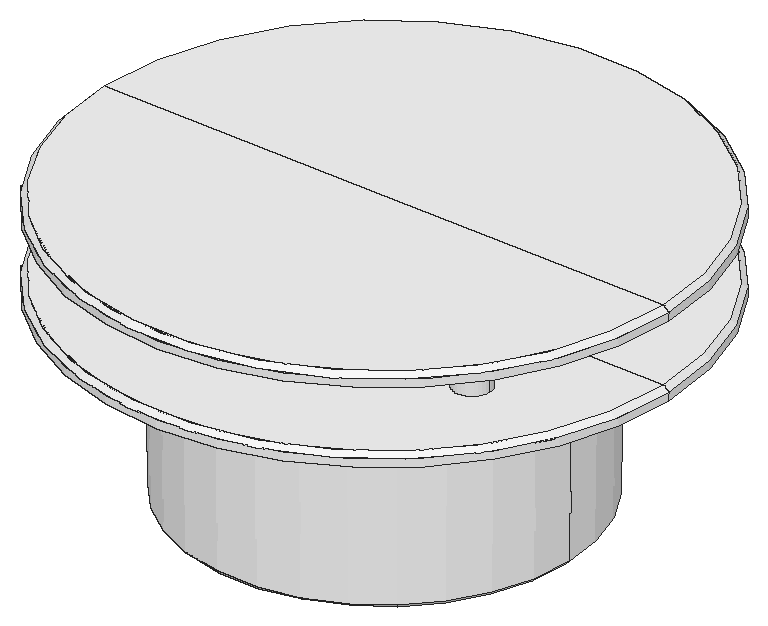
Revit family "3103 Series Soffit Trim Set", category Plumbing Fixtures, Revit 2020
Family settings
  Round Connector Dimension = Use Diameter
  Part Type = Normal
  OmniClass Number = 23.45.00.00
  OmniClass Title = Sanitary, Laundry, and Cleaning Equipment
  Work Plane-Based = No
  Always vertical = Yes
  Cut with Voids When Loaded = No
  Shared = No
  Room Calculation Point = No
Parameters (values of type "3103.525 65x65")
  Waste Connection = yes
  Vent Connection = yes
  URL = "www.aquaknight.co.nz"
  Phone = "+6498322214"  # constant formula
  Model = "3103.525"
  Manufacturer = "Aquanight Industries Ltd"  # constant formula
  HW Connection = no
  Email = "info@aquaknight.co.nz"  # constant formula
  Diameter = 65.00 mm
  Description = "Roof Drain Overflow Soffit Trim Set 65mm"
  Default Elevation = 0.00 mm
  CW Connection = no
  80mm = no
  65mm = yes
  100mm = no
Types (3, lengths in mm): name | Model | Diameter | Description | 80mm | 65mm | 100mm
  3103.525 65x65 | "3103.525" | 65.00 | "Roof Drain Overflow Soffit Trim Set 65mm" | no | yes | no
  3103.625 80x80 | "3103.625" | 80.00 | "Roof Drain Overflow Soffit Trim Set 80mm" | yes | no | no
  3103.725 100x100 | "3103.725" | 100.00 | "Roof Drain Overflow Soffit Trim Set 100mm" | no | no | yes
Reference planes
  plane 1 "Center (Front/Back)": y = 0
  plane 2: z = 0
  plane 3 "Center (Left/Right)": x = 0
  plane 4: z = -10
Forms (mm)
  Revolve 1, solid, material "Plastic, Glossy White", visible <- "65mm"
    sketch origin (0, 0, -4.371) x (1, 0, 0) y (0, 0, 1)
      loop
        line (32.35, 6.871) -> (32.35, 5.371) -> (34.35, 5.371) -> (34.544, -31.45)
        arc (34.544, -31.45) -> (34.893, -32.284) -> (35.729, -32.629) r 1.185
        line (35.729, -32.629) -> (36.79, -32.629) -> (37.55, -31.879) -> (38, 2.89)
        arc (38, 2.89) -> (38.446, 3.938) -> (39.5, 4.371) r 1.5
        line (39.5, 4.371) -> (57.696, 4.371) -> (57.696, 5.871) -> (56.696, 6.871) -> (32.35, 6.871)
      loop
        line (0, 21.371) -> (0, 18.871) -> (57.7, 18.871) -> (57.7, 20.371) -> (56.7, 21.371) -> (0, 21.371)
      axis (0, 21.371) -> (0, -32.629)
    angle from 0 to 360
  Extrusion 2, solid, material "Plastic, Glossy White", visible <- "65mm", detail levels medium+fine
    sketch origin (0, 0, -4) x (1, 0, 0) y (0, 1, 0)
      loop
        circle (0, 38.211) r 3.511
      loop
        circle (33.092, -19.106) r 3.511
      loop
        circle (-33.092, -19.106) r 3.511
    from 6.5 to 18.5
  Revolve 3, solid, material "Plastic, Glossy White", visible <- "80mm"
    sketch origin (0, 0, 105.629) x (1, 0, 0) y (0, 0, 1)
      loop
        line (-43.4, -148.629) -> (-41.65, -148.629) -> (-41.2, -104.629) -> (-39.2, -104.629) -> (-39.2, -103.532) -> (-40.049, -103.136)
        arc (-40.049, -103.136) -> (-40.835, -102.609) -> (-41.15, -101.717) r 1.5
        line (-41.15, -101.717) -> (-41.363, -91.129) -> (0, -91.129) -> (0, -88.629) -> (-64, -88.629) -> (-65, -89.629) -> (-65, -91.129) -> (-48.666, -91.129) -> (-48.849, -101.655)
        arc (-48.849, -101.655) -> (-49.298, -102.699) -> (-50.349, -103.129) r 1.5
        line (-50.349, -103.129) -> (-63.901, -103.129) -> (-64.901, -104.129) -> (-64.901, -105.629) -> (-46.375, -105.629)
        arc (-46.375, -105.629) -> (-45.323, -106.059) -> (-44.875, -107.103) r 1.5
        line (-44.875, -107.103) -> (-44.163, -147.879) -> (-43.4, -148.629)
      axis (0, -88.629) -> (0, -148.629)
    angle from 0 to 360
  Revolve 4, solid, material "Plastic, Glossy White", visible <- "100mm"
    sketch origin (0, 0, 0) x (1, 0, 0) y (0, 0, 1)
      loop
        line (-57.125, -49) -> (-55.375, -49) -> (-54.9, 1) -> (-52.4, 1) -> (-52.4, 1.83) -> (-53.728, 2.498)
        arc (-53.728, 2.498) -> (-54.73, 2.954) -> (-55.151, 3.972) r 1.5
        line (-55.151, 3.972) -> (-55.302, 11.5) -> (-55.268, 13.482) -> (-54.25, 14.5) -> (0, 14.5) -> (0, 17) -> (-77.73, 17) -> (-78.73, 16) -> (-78.73, 14.5) -> (-63.75, 14.5) -> (-62.732, 13.482) -> (-62.718, 11.5) -> (-62.849, 3.974)
        arc (-62.849, 3.974) -> (-63.298, 2.93) -> (-64.349, 2.5) r 1.5
        line (-64.349, 2.5) -> (-77.73, 2.5) -> (-78.73, 1.5) -> (-78.73, 0) -> (-60.204, 0)
        arc (-60.204, 0) -> (-59.153, -0.43) -> (-58.705, -1.474) r 1.5
        line (-58.705, -1.474) -> (-57.888, -48.25) -> (-57.125, -49)
      axis (0, 17) -> (0, -49)
    angle from 0 to 360
Lines and regions (mm)
  Masking region 1, visible <- "65mm"
    outline origin (0, 0, 0) x (1, 0, 0) y (0, 1, 0)
      loop
        circle (0, 0) r 57.5
  Masking region 2, visible <- "80mm"
    outline origin (0, 0, 0) x (1, 0, 0) y (0, 1, 0)
      loop
        circle (0, 0) r 65
  Masking region 3, visible <- "100mm"
    outline origin (0, 0, 0) x (1, 0, 0) y (0, 1, 0)
      loop
        circle (0, 0) r 78.73
  symbolic lines, visible <- "65mm", detail levels fine
    curve 1: arc (3.511, 38.211, 0) -> (0, 41.722, 0) -> (-3.511, 38.211, 0) r 3.511
    curve 2: arc (-3.511, 38.211, 0) -> (0, 34.7, 0) -> (3.511, 38.211, 0) r 3.511
    curve 3: arc (-36.603, -19.106, 0) -> (-33.092, -22.617, 0) -> (-29.581, -19.106, 0) r 3.511
    curve 4: arc (-29.581, -19.106, 0) -> (-33.092, -15.595, 0) -> (-36.603, -19.106, 0) r 3.511
    curve 5: arc (29.581, -19.106, 0) -> (33.092, -22.617, 0) -> (36.603, -19.106, 0) r 3.511
    curve 6: arc (36.603, -19.106, 0) -> (33.092, -15.595, 0) -> (29.581, -19.106, 0) r 3.511
  model lines, visible <- "65mm", detail levels medium+fine
    curve 7: arc (-36.603, -19.106, 17) -> (-33.092, -22.617, 17) -> (-29.581, -19.106, 17) r 3.511
    curve 8: arc (-29.581, -19.106, 17) -> (-33.092, -15.595, 17) -> (-36.603, -19.106, 17) r 3.511
    curve 9: arc (36.603, -19.106, 17) -> (33.092, -15.595, 17) -> (29.581, -19.106, 17) r 3.511
    curve 10: arc (29.581, -19.106, 17) -> (33.092, -22.617, 17) -> (36.603, -19.106, 17) r 3.511
    curve 11: arc (-3.511, 38.211, 17) -> (0, 34.7, 17) -> (3.511, 38.211, 17) r 3.511
    curve 12: arc (3.511, 38.211, 17) -> (0, 41.722, 17) -> (-3.511, 38.211, 17) r 3.511
  model lines, visible <- "80mm", detail levels medium+fine
    curve 13: circle (0, 45.054, 17) r 3.56 normal (0, 0, 1)
    curve 14: circle (39.018, -22.527, 17) r 3.56 normal (0, 0, 1)
    curve 15: circle (-39.018, -22.527, 17) r 3.56 normal (0, 0, -1)
  symbolic lines, visible <- "80mm", detail levels fine
    curve 16: circle (-39.018, -22.527, 0) r 3.56 normal (0, 0, -1)
    curve 17: circle (0, 45.054, 0) r 3.56 normal (0, 0, 1)
    curve 18: circle (39.018, -22.527, 0) r 3.56 normal (0, 0, 1)
  model lines, visible <- "100mm", detail levels medium+fine
    curve 19: circle (0, 61.562, 17) r 3.4 normal (0, 0, 1)
    curve 20: circle (0, -61.562, 17) r 3.4 normal (0, 0, -1)
    curve 21: circle (61.562, 0, 17) r 3.4 normal (0, 0, 1)
    curve 22: circle (-61.562, 0, 17) r 3.4 normal (0, 0, -1)
  symbolic lines, visible <- "100mm", detail levels fine
    curve 23: circle (0, 61.562, 0) r 3.4 normal (0, 0, 1)
    curve 24: circle (-61.562, 0, 0) r 3.4 normal (0, 0, -1)
    curve 25: circle (61.562, 0, 0) r 3.4 normal (0, 0, 1)
    curve 26: circle (0, -61.562, 0) r 3.4 normal (0, 0, -1)
Dimensions and locks
  level to plane 4 = 10.00 mm
  locked: connector elem to plane 1 "Center (Front/Back)"
  locked: connector elem to plane 3 "Center (Left/Right)"
  aligned and locked: level to plane 2
Automatic sketch dimensions
  Revolve 1 sketch curve to plane 3 "Center (Left/Right)" = 0.00 mm  (x2)
  Revolve 1 sketch curve to level = 0.00 mm
  level to Revolve 1 sketch curve = 2.50 mm
  plane 3 "Center (Left/Right)" to Revolve 1 sketch curve = 32.35 mm
  level to Revolve 1 sketch curve = 1.00 mm
  Revolve 1 sketch curve to Revolve 1 sketch curve = 2.00 mm
  plane 3 "Center (Left/Right)" to Revolve 1 sketch curve = 34.544 mm
  Revolve 1 sketch curve to Revolve 1 sketch curve = 1.185 mm
  Revolve 1 sketch curve to Revolve 1 sketch curve = 1.061 mm
  Revolve 1 sketch curve to Revolve 1 sketch curve = 0.76 mm
  Revolve 1 sketch curve to level = 1.481 mm
  Revolve 1 sketch curve to Revolve 1 sketch curve = 3.65 mm
  Revolve 1 sketch curve to Revolve 1 sketch curve = 1.50 mm  (x2)
  Revolve 1 sketch curve to Revolve 1 sketch curve = 17.196 mm
  Revolve 1 sketch curve to Revolve 1 sketch curve = 0.004 mm
  Revolve 1 sketch curve to Revolve 1 sketch curve = 1.00 mm  (x3)
  Revolve 1 sketch curve to Revolve 1 sketch curve = 12.00 mm
  Revolve 1 sketch curve to Revolve 1 sketch curve = 2.50 mm
  Revolve 1 sketch curve to Revolve 1 sketch curve = 2423.873 mm
  Extrusion 2 sketch curve to plane 3 "Center (Left/Right)" = 0.00 mm
  Extrusion 2 sketch curve to plane 3 "Center (Left/Right)" = 33.092 mm
  plane 3 "Center (Left/Right)" to Extrusion 2 sketch curve = 33.092 mm
  plane 1 "Center (Front/Back)" to Extrusion 2 sketch curve = 19.106 mm  (x2)
  Extrusion 2 sketch curve to plane 1 "Center (Front/Back)" = 38.211 mm
  plane 1 "Center (Front/Back)" to Masking region 1 sketch curve = 0.00 mm
  Masking region 1 sketch curve to plane 3 "Center (Left/Right)" = 0.00 mm
  curve 7 to curve 8 = 0.00 mm  (x2)
  curve 9 to curve 10 = 0.00 mm  (x2)
  curve 11 to curve 12 = 0.00 mm  (x2)
  Revolve 1 to curve 8 = 19.106 mm
  curve 7 to curve 11 = 33.092 mm
  Revolve 1 to curve 9 = 19.106 mm
  curve 11 to curve 9 = 33.092 mm
  curve 12 to Revolve 1 = 38.211 mm
  curve 8 to curve 7 = 3.511 mm
  curve 11 to curve 11 = 3.511 mm
  curve 10 to curve 9 = 3.511 mm
  Revolve 3 sketch curve to level = 0.00 mm
  Revolve 3 sketch curve to plane 3 "Center (Left/Right)" = 0.00 mm  (x2)
  level to Revolve 3 sketch curve = 2.097 mm
  Revolve 3 sketch curve to plane 3 "Center (Left/Right)" = 39.20 mm
  Revolve 3 sketch curve to Revolve 3 sketch curve = 0.45 mm
  level to Revolve 3 sketch curve = 2.493 mm
  Revolve 3 sketch curve to Revolve 3 sketch curve = 0.849 mm
  level to Revolve 3 sketch curve = 3.913 mm
  Revolve 3 sketch curve to Revolve 3 sketch curve = 1.50 mm  (x3)
  Revolve 3 sketch curve to Revolve 3 sketch curve = 1.151 mm
  Revolve 3 sketch curve to Revolve 3 sketch curve = 0.213 mm
  Revolve 3 sketch curve to plane 3 "Center (Left/Right)" = 41.65 mm
  Revolve 3 sketch curve to Revolve 3 sketch curve = 1.75 mm
  Revolve 3 sketch curve to Revolve 3 sketch curve = 0.763 mm
  Revolve 3 sketch curve to level = 1.474 mm
  Revolve 3 sketch curve to Revolve 3 sketch curve = 3.675 mm
  level to Revolve 3 sketch curve = 14.50 mm
  Revolve 3 sketch curve to Revolve 3 sketch curve = 7.303 mm
  level to Revolve 3 sketch curve = 3.974 mm
  Revolve 3 sketch curve to Revolve 3 sketch curve = 2.475 mm
  level to Revolve 3 sketch curve = 2.50 mm
  Revolve 3 sketch curve to Revolve 3 sketch curve = 13.552 mm
  Revolve 3 sketch curve to Revolve 3 sketch curve = 1.00 mm  (x4)
  Revolve 3 sketch curve to Revolve 3 sketch curve = 1.099 mm
  level to Revolve 3 sketch curve = 1.00 mm
  Revolve 3 sketch curve to Revolve 3 sketch curve = 0.00 mm
  Revolve 3 sketch curve to Revolve 3 sketch curve = 2.50 mm
  Revolve 3 sketch curve to Revolve 3 sketch curve = 2533.873 mm
  plane 1 "Center (Front/Back)" to Masking region 2 sketch curve = 0.00 mm
  Masking region 2 sketch curve to plane 3 "Center (Left/Right)" = 0.00 mm
  Revolve 3 to curve 14 = 22.527 mm
  Revolve 3 to curve 15 = 22.527 mm
  curve 13 to Revolve 3 = 45.054 mm
  curve 14 to curve 13 = 39.018 mm
  curve 13 to curve 15 = 39.018 mm
  Revolve 4 sketch curve to level = 0.00 mm
  Revolve 4 sketch curve to plane 3 "Center (Left/Right)" = 0.00 mm  (x2)
  level to Revolve 4 sketch curve = 1.00 mm
  Revolve 4 sketch curve to plane 3 "Center (Left/Right)" = 52.40 mm
  Revolve 4 sketch curve to Revolve 4 sketch curve = 1.251 mm
  level to Revolve 4 sketch curve = 2.498 mm
  Revolve 4 sketch curve to Revolve 4 sketch curve = 1.328 mm
  level to Revolve 4 sketch curve = 14.50 mm  (x2)
  Revolve 4 sketch curve to Revolve 4 sketch curve = 0.599 mm
  Revolve 4 sketch curve to Revolve 4 sketch curve = 1.172 mm
  level to Revolve 4 sketch curve = 3.972 mm
  Revolve 4 sketch curve to Revolve 4 sketch curve = 1.50 mm  (x4)
  level to Revolve 4 sketch curve = 13.482 mm  (x2)
  Revolve 4 sketch curve to Revolve 4 sketch curve = 1.018 mm  (x2)
  Revolve 4 sketch curve to Revolve 4 sketch curve = 0.475 mm
  Revolve 4 sketch curve to Revolve 4 sketch curve = 1.75 mm
  Revolve 4 sketch curve to Revolve 4 sketch curve = 0.763 mm
  Revolve 4 sketch curve to level = 1.474 mm
  Revolve 4 sketch curve to Revolve 4 sketch curve = 3.805 mm
  level to Revolve 4 sketch curve = 11.50 mm  (x3)
  Revolve 4 sketch curve to Revolve 4 sketch curve = 7.45 mm
  Revolve 4 sketch curve to Revolve 4 sketch curve = 0.014 mm  (x2)
  level to Revolve 4 sketch curve = 3.974 mm
  Revolve 4 sketch curve to Revolve 4 sketch curve = 2.645 mm
  level to Revolve 4 sketch curve = 2.50 mm
  Revolve 4 sketch curve to Revolve 4 sketch curve = 13.381 mm
  Revolve 4 sketch curve to Revolve 4 sketch curve = 13.98 mm
  level to Revolve 4 sketch curve = 1.50 mm
  Revolve 4 sketch curve to Revolve 4 sketch curve = 1.00 mm  (x3)
  Revolve 4 sketch curve to Revolve 4 sketch curve = 0.83 mm
  Revolve 4 sketch curve to Revolve 4 sketch curve = 0.02 mm
  Revolve 4 sketch curve to Revolve 4 sketch curve = 15.00 mm
  Revolve 4 sketch curve to Revolve 4 sketch curve = 55.00 mm
  plane 1 "Center (Front/Back)" to Masking region 3 sketch curve = 0.00 mm
  Masking region 3 sketch curve to plane 3 "Center (Left/Right)" = 0.00 mm
  curve 2 to plane 3 "Center (Left/Right)" = 0.00 mm
  curve 17 to plane 3 "Center (Left/Right)" = 0.00 mm
  plane 1 "Center (Front/Back)" to curve 16 = 22.527 mm
  plane 1 "Center (Front/Back)" to curve 18 = 22.527 mm
  curve 18 to curve 6 = 3.421 mm
  curve 16 to curve 3 = 3.421 mm
  curve 2 to plane 1 "Center (Front/Back)" = 38.211 mm
  curve 1 to curve 17 = 6.843 mm
  plane 3 "Center (Left/Right)" to curve 5 = 33.092 mm
  curve 18 to curve 5 = 5.926 mm
  curve 3 to plane 3 "Center (Left/Right)" = 33.092 mm
  curve 3 to curve 16 = 5.926 mm
  plane 3 "Center (Left/Right)" to curve 1 = 3.511 mm
  curve 5 to curve 5 = 3.511 mm
  curve 3 to curve 3 = 3.511 mm
  Revolve 4 to curve 21 = 0.00 mm
  curve 22 to Revolve 4 = 0.00 mm
  Revolve 4 to curve 20 = 61.562 mm
  curve 19 to Revolve 4 = 61.562 mm
  curve 21 to curve 20 = 61.562 mm
  curve 21 to curve 19 = 61.562 mm
  curve 19 to curve 22 = 61.562 mm
  Revolve 1 sketch curve to plane 4 = 25.815 mm
  Revolve 1 sketch curve to Revolve 1 sketch curve = 0.75 mm
  Revolve 1 sketch curve to Revolve 1 sketch curve = 420.301 mm
  Revolve 3 sketch curve to plane 4 = 32.25 mm
  Revolve 3 sketch curve to Revolve 3 sketch curve = 0.75 mm
  Revolve 3 sketch curve to Revolve 3 sketch curve = 304.301 mm
  Revolve 4 sketch curve to plane 4 = 38.25 mm
  Revolve 4 sketch curve to Revolve 4 sketch curve = 0.75 mm
  radius of Extrusion 2 sketch curve = 3.511 mm  (x3)
  radius of Masking region 2 sketch curve = 65.00 mm
  radius of curve 13 = 3.56 mm
  radius of curve 14 = 3.56 mm
  radius of curve 15 = 3.56 mm
  radius of Masking region 3 sketch curve = 78.73 mm
  radius of curve 16 = 3.56 mm
  radius of curve 17 = 3.56 mm
  radius of curve 18 = 3.56 mm
  radius of curve 19 = 3.40 mm
  radius of curve 20 = 3.40 mm
  radius of curve 21 = 3.40 mm
  radius of curve 22 = 3.40 mm
  radius of Masking region 1 sketch curve = 57.50 mm
Connectors
  piping at (0, 0, -10), diameter 65, driven by "Diameter"
    settings: on plane 4, index 1, connector inside diameter 609.6 mm, connector length 0.00 mm, flow factor 0, pipe flow 0.0 L/s, pressure drop 0.0 Pa, fitting loss kfactor 0, connector angle 0.00°, fixture units 0, engagement length 0.00 mm, angle of deflection 0.00°, flow configuration 0, flow direction 0, fitting loss method 0, system type 28, joint type 0, gender type 0, connector reference index -1, connector utility 0, adjustable connector no, is connector primary yes, connector description ""
